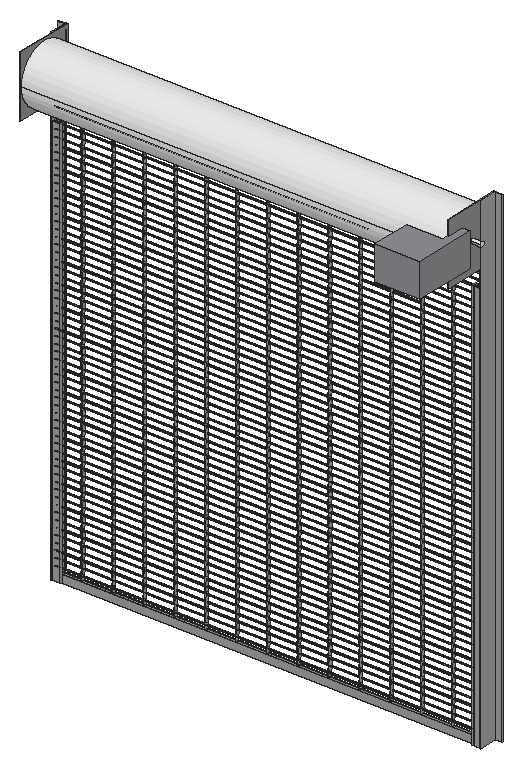
Revit family "Upward-Coiling-Security-Grilles_OHD_Model-670_compact", category Specialty Equipment, host Wall, Revit 2023 (continued)
Definition of nested family "Motor"
  Definition of nested family "2D_NotScalableMain_29e791da-3db9-4234-ab15-44456784202b"
    Lines and regions (in)
      Masking region 8, in view "Ref. Level", visible <- "E-Egress"
        outline origin (0, 0, 0) x (1, 0, 0) y (0, 1, 0)
          loop
            line (-6.9985, -0.96741) -> (-5.7485, -0.96741) -> (-5.7485, -0.30491) -> (-5.5274, -0.30491) -> (-5.5274, -1.76746) -> (-5.42825, -1.86661) -> (-4.5757, -1.86661) -> (-4.5757, -3.22517) -> (-4.134, -3.22517) -> (-4.134, -5.05565) -> (-4.3324, -5.05565) -> (-4.3324, -5.3122)
            arc (-4.3324, -5.3122) -> (-4.24466, -5.55085) -> (-4.02324, -5.67585) r 0.36846
            arc (-4.02324, -5.67585) -> (0, -6.0017) -> (4.02324, -5.67585) r 25
            arc (4.02324, -5.67585) -> (4.24466, -5.55085) -> (4.3324, -5.3122) r 0.36846
            line (4.3324, -5.3122) -> (4.3324, -5.05565) -> (4.116, -5.05565) -> (4.116, -3.22517) -> (4.57, -3.22517) -> (4.57, -1.27241) -> (4.799, -1.27241) -> (4.799, -0.84111) -> (5.199, -0.84111) -> (5.199, 0.79) -> (7.2495, 0.79) -> (7.2495, -1.81) -> (7.52, -1.81) -> (7.52, 0.79) -> (8.82, 0.79) -> (8.82, 1.59) -> (7.52, 1.59) -> (7.52, 4.19) -> (7.2495, 4.19) -> (7.2495, 1.59) -> (4.57, 1.59) -> (4.57, 3.22517) -> (2.988, 3.22517) -> (2.988, 4.96193) -> (-2.988, 4.96193) -> (-2.988, 3.22517) -> (-4.5757, 3.22517) -> (-4.5757, 1.86661) -> (-5.42825, 1.86661) -> (-5.5274, 1.76746) -> (-5.5274, 0.30491) -> (-5.7485, 0.30491) -> (-5.7485, 0.96741) -> (-6.9985, 0.96741) -> (-6.9985, -0.96741)
      reference lines, in view "Ref. Level"
        curve 1: line (0, 0, 0) -> (0, 0.125, 0)
        curve 2: line (0, 0, 0) -> (0.125, 0, 0)
      detail lines, in view "Ref. Level", visible <- "Not Top + Bench"
        curve 3: line (7.2495, 4.19, 0) -> (7.2495, -1.81, 0)
        curve 4: line (7.52, 4.19, 0) -> (7.52, -1.81, 0)
        curve 5: line (-4.134, -2.29347, 0) -> (-4.134, -5.05565, 0)
        curve 6: line (4.116, -2.29347, 0) -> (4.116, -5.05565, 0)
        curve 7: line (-4.134, -2.41307, 0) -> (4.116, -2.41307, 0)
        curve 8: line (4.116, -2.29347, 0) -> (3.108, -2.29347, 0)
        curve 9: line (2.988, -2.17347, 0) -> (2.988, 4.96193, 0)
        curve 10: line (2.988, 4.96193, 0) -> (-2.988, 4.96193, 0)
        curve 11: line (-2.988, 4.96193, 0) -> (-2.988, -2.17347, 0)
        curve 12: arc (-2.988, -2.17347, 0) -> (-3.02315, -2.25832, 0) -> (-3.108, -2.29347, 0) r 0.12
        curve 13: arc (3.108, -2.29347, 0) -> (3.02315, -2.25832, 0) -> (2.988, -2.17347, 0) r 0.12
        curve 14: line (4.57, -3.22517, 0) -> (4.57, 0.77483, 0)
        curve 15: line (4.799, -1.27241, 0) -> (4.799, 0.77483, 0)
        curve 16: line (5.199, -0.84111, 0) -> (5.199, 0.77483, 0)
        curve 17: line (-4.5757, -3.22517, 0) -> (-4.5757, 3.22517, 0)
        curve 18: line (-5.42825, -1.86661, 0) -> (-5.42825, 1.86661, 0)
        curve 19: line (-5.5274, 1.76746, 0) -> (-5.5274, -1.76746, 0)
        curve 20: line (-5.7485, -0.96741, 0) -> (-5.7485, 0.96741, 0)
        curve 21: line (-4.134, -2.29347, 0) -> (-3.108, -2.29347, 0)
        curve 22: line (5.199, 0.77483, 0) -> (2.988, 0.77483, 0)
        curve 23: line (4.57, 1.59, 0) -> (2.988, 1.59, 0)
      detail lines, in view "Ref. Level", visible <- "Top + Bench"
        curve 24: line (-4.5757, -3.22517, 0) -> (-4.5757, 3.22517, 0)
        curve 25: line (-5.42825, 1.86661, 0) -> (-5.42825, -1.86661, 0)
        curve 26: line (-5.5274, 1.76746, 0) -> (-5.5274, -1.76746, 0)
        curve 27: line (-5.7485, -0.96741, 0) -> (-5.7485, 0.96741, 0)
        curve 28: line (-4.3324, 1.8898, 0) -> (-4.3324, 19.24819, 0)
        curve 29: line (-4.3324, 1.8898, 0) -> (4.3324, 1.8898, 0)
        curve 30: line (4.3324, 1.8898, 0) -> (4.3324, 19.24819, 0)
        curve 31: line (4.57, 3.22517, 0) -> (4.57, -3.22517, 0)
        curve 32: line (4.799, 1.27241, 0) -> (4.799, -1.22759, 0)
        curve 37: line (2.988, 20.0298, 0) -> (2.988, 19.24819, 0)
        curve 38: line (-2.988, 20.0298, 0) -> (-2.988, 19.24819, 0)
        curve 39: line (-3.108, 19.24819, 0) -> (-0.988, 19.24819, 0)
        curve 40: line (0.988, 19.24819, 0) -> (3.108, 19.24819, 0)
      detail lines, in view "Ref. Level", visible <- "Chain Hoist"
        curve 33: line (7.2495, 3, 0) -> (7.2495, -3, 0)
        curve 34: line (7.52, -3, 0) -> (7.52, 3, 0)
      detail lines, in view "Ref. Level", visible <- "Bench Mount"
        curve 35: line (-7.1205, 17.4298, 0) -> (-7.1205, 9.1098, 0)
        curve 36: line (-6.9985, 17.4298, 0) -> (-6.9985, 9.1098, 0)
      detail lines, in view "Ref. Level", visible <- "E-Egress"
        curve 41: line (7.2495, 4.19, 0) -> (7.2495, -1.81, 0)
        curve 42: line (7.52, 4.19, 0) -> (7.52, -1.81, 0)
        curve 43: line (-4.134, -2.29347, 0) -> (-4.134, -5.05565, 0)
        curve 44: line (4.116, -2.29347, 0) -> (4.116, -5.05565, 0)
        curve 45: line (-4.134, -2.41307, 0) -> (4.116, -2.41307, 0)
        curve 46: line (4.116, -2.29347, 0) -> (3.108, -2.29347, 0)
        curve 47: line (2.988, -2.17347, 0) -> (2.988, 4.96193, 0)
        curve 48: line (2.988, 4.96193, 0) -> (-2.988, 4.96193, 0)
        curve 49: line (-2.988, 4.96193, 0) -> (-2.988, -2.17347, 0)
        curve 50: arc (-2.988, -2.17347, 0) -> (-3.02315, -2.25832, 0) -> (-3.108, -2.29347, 0) r 0.12
        curve 51: arc (3.108, -2.29347, 0) -> (3.02315, -2.25832, 0) -> (2.988, -2.17347, 0) r 0.12
        curve 52: line (4.57, -3.22517, 0) -> (4.57, 0.77483, 0)
        curve 53: line (4.799, -1.27241, 0) -> (4.799, 0.77483, 0)
        curve 54: line (5.199, -0.84111, 0) -> (5.199, 0.77483, 0)
        curve 55: line (-4.5757, -3.22517, 0) -> (-4.5757, 3.22517, 0)
        curve 56: line (-5.42825, -1.86661, 0) -> (-5.42825, 1.86661, 0)
        curve 57: line (-5.5274, 1.76746, 0) -> (-5.5274, -1.76746, 0)
        curve 58: line (-5.7485, -0.96741, 0) -> (-5.7485, 0.96741, 0)
        curve 59: line (-4.134, -2.29347, 0) -> (-3.108, -2.29347, 0)
        curve 60: line (5.199, 0.77483, 0) -> (2.988, 0.77483, 0)
        curve 61: line (4.57, 1.59, 0) -> (2.988, 1.59, 0)
    Dimensions and locks (in)
      curve 1 to curve 1 = 1/8"
      curve 2 to curve 2 = 1/8"
      aligned and locked: plane 1 "Center (Front/Back)" to curve 1
      aligned and locked: plane 3 "Center (Left/Right)" to curve 1
      aligned and locked: plane 1 "Center (Front/Back)" to curve 2
Definition of nested family "670"
  Parameters (values of type "670")
    Step H = if(Lexan, 12", 9")  # 9"
    Slat Width = 3/4"  # constant formula
    Slat Type = if(Slat Option < 2, "Lattice", if(Slat Option = 2, "Brick", "Lexan"))  # "Lattice"
    Slat Option = 1
    SetBack = if(Lexan, 3", 2")  # 2"
    Second Rod Position = if(Lattice, 1.38", if(Brick, 2.38", 3.38"))  # 1.38"
    Panel Material = none
    Overall Height = if(Lattice, 8.38", if(Brick, 8.38", 12.38"))  # 8.38"
    Opening Width = 124 5/8"
    Lexsn Material = none
    Lexan = if(Slat Option > 2, 1 = 1, 1 = 2)  # no
    Lattice = if(Slat Option < 2, 1 = 1, 1 = 2)  # yes
    First Rod Position = if(Lattice, 1", 0")  # 1"
    Default Elevation = 48"
    Brick End = if(Brick, 1 = 2, 1 = 1)  # yes
    Brick = if(Slat Option = 2, 1 = 1, 1 = 2)  # no
    Array Visibility = if(Array < 2, 1 = 2, 1 = 1)  # yes
    Array Real = if(Array < 2, 2, Array)  # 12
    Array Length = (Array) * Step H + 0.16"  # 108.16"
    Array = rounddown((Opening Width) / Step H) - 1  # 12
    1 Element Visibility = not(Array Visibility)  # no
  Reference planes (in)
    plane 1 "Center (Front/Back)": y = 0
    plane 2: z = 0
    plane 3 "Center (Left/Right)": x = 0
    plane 4: x = -62.3125
    plane 5: x = 62.3125
    plane 6: y = 0.75
    plane 7: y = 0
    plane 8: z = 0
    plane 9: z = 1
    plane 10: y = 0.375
    plane 11 "Left": x = -54.08
    plane 12: x = -64.3125
    plane 13: x = 64.3125
    plane 14: z = 8.38
    plane 15: x = 54.08
    plane 16: x = 45.08
    plane 17: z = 7
    plane 18: x = 36.08
  Forms (in)
    Extrusion 1, solid, material <- "Panel Material"
      sketch origin (0, -4.98186, 2) x (0, 1, 0) y (0, 0, 1)
        loop
          circle (5.35686, -1) r 0.15625
        loop
          circle (5.35686, 1) r 0.16
      from -62.3125 to 62.3125
    Extrusion 2, solid, material <- "Panel Material"
      sketch origin (0, -4.98186, 2) x (0, 1, 0) y (0, 0, 1)
        loop
          circle (5.35686, 5) r 0.15625
        loop
          circle (5.35686, 3) r 0.16
      from -62.3125 to 62.3125
    Extrusion 3, solid, material <- "Lexsn Material", visible <- "Lexan"
      sketch origin (0, 0, 0) x (1, 0, 0) y (0, 0, 1)
        loop
          line (-62.3125, 0.5) -> (62.3125, 0.5) -> (62.3125, 2.5) -> (-62.3125, 2.5) -> (-62.3125, 0.5)
        loop
          line (-62.3125, 3.5) -> (62.3125, 3.5) -> (62.3125, 5.5) -> (-62.3125, 5.5) -> (-62.3125, 3.5)
        loop
          line (-62.3125, 6.5) -> (62.3125, 6.5) -> (62.3125, 8.5) -> (-62.3125, 8.5) -> (-62.3125, 6.5)
        loop
          line (-62.3125, 9.5) -> (62.3125, 9.5) -> (62.3125, 11.5) -> (-62.3125, 11.5) -> (-62.3125, 9.5)
      from -0.53125 to -0.21875
  Dimensions and locks (in)
    equal spacing: plane 4, plane 3 "Center (Left/Right)", plane 5
    "Opening Width": plane 4 to plane 5
    "Slat Width": plane 1 "Center (Front/Back)" to plane 6
    "First Rod Position": plane 9 to level
    equal spacing: plane 1 "Center (Front/Back)", plane 10, plane 6
    locked: plane 12 to plane 4 at 2
    locked: plane 13 to plane 5 at 2
    "Overall Height": plane 14 to level
    equal spacing: plane 11 "Left", plane 3 "Center (Left/Right)", plane 15
    "Array Length": plane 11 "Left" to plane 15
    "Step H": plane 16 to plane 15
    "Second Rod Position": plane 14 to plane 17
    locked: Extrusion 3 sketch curve to Extrusion 3 sketch curve at 2  (x4)
    locked: Extrusion 3 sketch curve to level at 0.5
    locked: Extrusion 3 sketch curve to Extrusion 3 sketch curve at 1  (x3)
    "Step H": plane 18 to plane 16
    equal spacing: group 12, group 11, group 10, group 9, group 8, group 7, group 6, group 5, group 4, group 3, group 2, group 1
    equal spacing: group 1, group 2, group 3, group 4, group 5, group 6, group 7, group 8, group 9, group 10, group 11, group 12  (x2)
    "SetBack": plane 17 to Extrusion 2 sketch curve
    "SetBack": Extrusion 1 sketch curve to Extrusion 1 sketch curve
    radius of Extrusion 1 sketch curve = 5/32"
    radius of Extrusion 2 sketch curve = 5/32"
    radius of Extrusion 2 sketch curve = 0.16"
    radius of Extrusion 1 sketch curve = 0.16"
    aligned and locked: plane 2 to level
    aligned and locked: plane 1 "Center (Front/Back)" to plane 7
    aligned and locked: level to plane 8
    aligned and locked: plane 4 to Extrusion 1
    aligned and locked: plane 5 to Extrusion 1
    aligned and locked: plane 10 to Extrusion 1 sketch curve
    aligned and locked: plane 17 to Extrusion 2 sketch curve
    aligned and locked: plane 10 to Extrusion 2 sketch curve
    aligned and locked: plane 5 to Extrusion 2
    aligned and locked: plane 4 to Extrusion 2
    aligned and locked: Extrusion 3 sketch curve to plane 4  (x2)
    aligned and locked: plane 5 to Extrusion 3 sketch curve  (x2)
    aligned and locked: nested 1 to plane 15
    aligned and locked: plane 8 to nested 1
    aligned and locked: plane 8 to nested 2
    aligned and locked: plane 8 to nested 3
    aligned and locked: nested 2 to plane 16
    aligned and locked: nested 3 to plane 18
    aligned and locked: plane 4 to Extrusion 3 sketch curve  (x2)
    aligned and locked: Extrusion 3 sketch curve to plane 5  (x2)
    aligned and locked: plane 9 to Extrusion 1 sketch curve
    aligned and locked: plane 8 to nested 11
    aligned and locked: nested 11 to plane 16
  Automatic sketch dimensions
    Extrusion 1 sketch curve to plane 10 = 0"
    Extrusion 2 sketch curve to plane 10 = 0"
  Nested families (in)
    nested 1: "Family1" at (54.08, 0, 0), Individual Brick <- "Brick End", type "Family1"
      with Individual Brick yes, SetBack 2", Lexan no, Lattice yes, Height 8.38"
    nested 2: "Family1" at (45.08, 0, 0), visible <- "Array Visibility", type "Family1"
      with Individual Brick yes, SetBack 2", Lexan no, Lattice yes, Height 8.38"
    nested 3: "Family1" at (36.08, 0, 0), visible <- "Array Visibility", type "Family1"
      with Individual Brick yes, SetBack 2", Lexan no, Lattice yes, Height 8.38"
    nested 4: "Family1" at (27.08, 0, 0), visible <- "Array Visibility", type "Family1"
      with Individual Brick yes, SetBack 2", Lexan no, Lattice yes, Height 8.38"
    nested 5: "Family1" at (18.08, 0, 0), visible <- "Array Visibility", type "Family1"
      with Individual Brick yes, SetBack 2", Lexan no, Lattice yes, Height 8.38"
    nested 6: "Family1" at (9.08, 0, 0), visible <- "Array Visibility", type "Family1"
      with Individual Brick yes, SetBack 2", Lexan no, Lattice yes, Height 8.38"
    nested 7: "Family1" at (0.08, 0, 0), visible <- "Array Visibility", type "Family1"
      with Individual Brick yes, SetBack 2", Lexan no, Lattice yes, Height 8.38"
    nested 8: "Family1" at (-8.92, 0, 0), visible <- "Array Visibility", type "Family1"
      with Individual Brick yes, SetBack 2", Lexan no, Lattice yes, Height 8.38"
    nested 9: "Family1" at (-17.92, 0, 0), visible <- "Array Visibility", type "Family1"
      with Individual Brick yes, SetBack 2", Lexan no, Lattice yes, Height 8.38"
    nested 10: "Family1" at (-26.92, 0, 0), visible <- "Array Visibility", type "Family1"
      with Individual Brick yes, SetBack 2", Lexan no, Lattice yes, Height 8.38"
    nested 11: "Family1" at (45.08, 0, 0), visible <- "1 Element Visibility", type "Family1"
      with Individual Brick yes, SetBack 2", Lexan no, Lattice yes, Height 8.38"
    nested 12: "Family1" at (-35.92, 0, 0), visible <- "Array Visibility", type "Family1"
      with Individual Brick yes, SetBack 2", Lexan no, Lattice yes, Height 8.38"
    nested 13: "Family1" at (-44.92, 0, 0), visible <- "Array Visibility", type "Family1"
      with Individual Brick yes, SetBack 2", Lexan no, Lattice yes, Height 8.38"
    nested 14: "Family1" at (-53.92, 0, 0), visible <- "Array Visibility", type "Family1"
      with Individual Brick yes, SetBack 2", Lexan no, Lattice yes, Height 8.38"
  Definition of nested family "Family1"
    Parameters (values of type "Family1")
      Wide = 3/4"  # constant formula
      Slat Material = none
      SetBack = if(Lexan, 3", 2")  # 3"
      Lexan = yes
      Lattice = no
      Individual Brick [instance] = yes
      Height = if(Lattice, 8.38", if(Brick, 8.38", 12.38"))  # 12.38"
      Default Elevation = 48"
      Brick Offset = if(Brick, 4.34", 0")  # 0"
      Brick = no
    Reference planes (in)
      plane 1 "Center (Front/Back)": y = 0
      plane 2: z = 0
      plane 3 "Center (Left/Right)": x = 0
      plane 4: z = 12.38
      plane 5 "Brick": x = 0
      plane 6: z = 3
      plane 7: z = 0
      plane 8: z = 12.005
      plane 9: z = 9.005
      plane 10: z = 6.005
      plane 11: z = 3.005
      plane 12: z = 6
      plane 13: z = 9
    Forms (in)
      Extrusion 1, solid, material <- "Slat Material"
        sketch origin (0, 0, 0) x (0, 1, 0) y (0, 0, 1)
          loop
            line (0, 3) -> (0, 0)
            arc (0, 0) -> (0.375, -0.375) -> (0.75, 0) r 0.375
            line (0.75, 0) -> (0.75, 3)
            arc (0.75, 3) -> (0.375, 3.375) -> (0, 3) r 0.375
          loop
            line (0, 9) -> (0, 6)
            arc (0, 6) -> (0.375, 5.625) -> (0.75, 6) r 0.375
            line (0.75, 6) -> (0.75, 9)
            arc (0.75, 9) -> (0.375, 9.375) -> (0, 9) r 0.375
        from 0 to -0.16
      Extrusion 2, solid, material <- "Slat Material", visible <- "Individual Brick"
        sketch origin (0, -180, -12.72415) x (0, 0, -1) y (0, -1, 0)
          loop
            arc (-24.72915, -180) -> (-25.10415, -180.375) -> (-24.72915, -180.75) r 0.375
            line (-24.72915, -180.75) -> (-21.72915, -180.75)
            arc (-21.72915, -180.75) -> (-21.35415, -180.375) -> (-21.72915, -180) r 0.375
            line (-21.72915, -180) -> (-24.72915, -180)
          loop
            arc (-18.72915, -180) -> (-19.10415, -180.375) -> (-18.72915, -180.75) r 0.375
            line (-18.72915, -180.75) -> (-15.72915, -180.75)
            arc (-15.72915, -180.75) -> (-15.35415, -180.375) -> (-15.72915, -180) r 0.375
            line (-15.72915, -180) -> (-18.72915, -180)
        from 0 to -0.16
    Dimensions and locks (in)
      "Height": plane 4 to level
      "Brick Offset": plane 5 "Brick" to plane 3 "Center (Left/Right)"
      "Wide": Extrusion 1 sketch curve to Extrusion 1 sketch curve
      "SetBack": plane 6 to plane 7
      "Wide": Extrusion 2 sketch curve to Extrusion 2 sketch curve  (x2)
      "SetBack": plane 8 to plane 9
      locked: plane 4 to plane 8 at 0.375
      "SetBack": plane 9 to plane 10
      "SetBack": plane 10 to plane 11
      "SetBack": plane 12 to plane 6
      "SetBack": plane 13 to plane 12
      radius of Extrusion 1 sketch curve = 3/8"  (x4)
      radius of Extrusion 2 sketch curve = 3/8"  (x4)
      aligned and locked: plane 2 to level
      aligned and locked: level to plane 7
      aligned and locked: plane 6 to Extrusion 1 sketch curve  (x2)
      aligned and locked: plane 7 to Extrusion 1 sketch curve
      aligned and locked: plane 8 to Extrusion 2 sketch curve  (x2)
      aligned and locked: plane 9 to Extrusion 2 sketch curve
      aligned and locked: plane 10 to Extrusion 2 sketch curve  (x2)
      aligned and locked: plane 11 to Extrusion 2 sketch curve
      aligned and locked: plane 13 to Extrusion 1 sketch curve
      aligned and locked: plane 12 to Extrusion 1 sketch curve  (x2)
    Automatic sketch dimensions
      Extrusion 1 sketch curve to plane 1 "Center (Front/Back)" = 0"  (x2)
      Extrusion 2 sketch curve to plane 1 "Center (Front/Back)" = 0"  (x2)
Definition of nested family "Label Annotation 1"
  Parameters (values of type "Label Annotation 1-8")
    Label = "Area is too big. Please reduce Door Size."
  Reference planes (in)
    plane 1: y = 0
    plane 2: x = 0
  Text (in)
    label "Label" at (0.00375, -0.00345, 0), shows "Label"
Definition of nested family "Warning Sign"
  Parameters (values of type "Warning Sign")
    Warning Sign [instance] = no
    Default Elevation = 48"
  Reference planes (in)
    plane 1 "Center (Front/Back)": y = 0
    plane 2: z = 0
    plane 3 "Center (Left/Right)": x = 0
    plane 4: y = 0.5
    plane 5: y = -0.5
    plane 6: y = 1
    plane 7: y = 0.25
  Lines and regions (in)
    model lines
      curve 1: line (-2.26129, 1, 45.69444) -> (-26.3817, 1, 3.91667)
      curve 2: line (-25.25106, 1, 3.26389) -> (-1.13064, 1, 45.04167)
      curve 3: arc (2.26129, 1, 45.69444) -> (0, 1, 47) -> (-2.26129, 1, 45.69444) r 2.61111
      curve 4: arc (-1.13064, 1, 45.04167) -> (0, 1, 45.69444) -> (1.13064, 1, 45.04167) r 1.30556
      curve 5: line (1.13064, 1, 45.04167) -> (25.25106, 1, 3.26389)
      curve 6: line (26.3817, 1, 3.91667) -> (2.26129, 1, 45.69444)
      curve 7: arc (25.25106, 1, 3.26389) -> (25.25106, 1, 1.95833) -> (24.12041, 1, 1.30556) r 1.30556
      curve 8: arc (24.12041, 1, 0) -> (26.3817, 1, 1.30556) -> (26.3817, 1, 3.91667) r 2.61111
      curve 9: line (24.12041, 1, 1.30556) -> (-24.12041, 1, 1.30556)
      curve 10: line (-24.12041, 1, 0) -> (24.12041, 1, 0)
      curve 11: arc (-24.12041, 1, 1.30556) -> (-25.25106, 1, 1.95833) -> (-25.25106, 1, 3.26389) r 1.30556
      curve 12: arc (-26.3817, 1, 3.91667) -> (-26.3817, 1, 1.30556) -> (-24.12041, 1, 0) r 2.61111
      curve 13: arc (-2.29479, 1, 8.63537) -> (0, 1, 6.34057) -> (2.29479, 1, 8.63537) r 2.29479
      curve 14: arc (2.29479, 1, 8.63537) -> (0, 1, 10.93016) -> (-2.29479, 1, 8.63537) r 2.29479
      curve 15: arc (-1.6331, 1, 13.97069) -> (0.03439, 1, 12.53727) -> (1.69278, 1, 13.98121) r 1.68043
      curve 16: line (-3.77413, 1, 28.37873) -> (-1.6331, 1, 13.97069)
      curve 17: line (1.69278, 1, 13.98121) -> (3.73924, 1, 28.37873)
      curve 18: arc (3.73924, 1, 28.37873) -> (-0.01745, 1, 32.13541) -> (-3.77413, 1, 28.37873) r 3.75668
      curve 19: line (-2.26129, -0.5, 45.69444) -> (-26.3817, -0.5, 3.91667)
      curve 20: line (-25.25106, -0.5, 3.26389) -> (-1.13064, -0.5, 45.04167)
      curve 21: arc (2.26129, -0.5, 45.69444) -> (0, -0.5, 47) -> (-2.26129, -0.5, 45.69444) r 2.61111
      curve 22: arc (-1.13064, -0.5, 45.04167) -> (0, -0.5, 45.69444) -> (1.13064, -0.5, 45.04167) r 1.30556
      curve 23: line (1.13064, -0.5, 45.04167) -> (25.25106, -0.5, 3.26389)
      curve 24: line (26.3817, -0.5, 3.91667) -> (2.26129, -0.5, 45.69444)
      curve 25: arc (25.25106, -0.5, 3.26389) -> (25.25106, -0.5, 1.95833) -> (24.12041, -0.5, 1.30556) r 1.30556
      curve 26: arc (24.12041, -0.5, 0) -> (26.3817, -0.5, 1.30556) -> (26.3817, -0.5, 3.91667) r 2.61111
      curve 27: line (24.12041, -0.5, 1.30556) -> (-24.12041, -0.5, 1.30556)
      curve 28: line (-24.12041, -0.5, 0) -> (24.12041, -0.5, 0)
      curve 29: arc (-24.12041, -0.5, 1.30556) -> (-25.25106, -0.5, 1.95833) -> (-25.25106, -0.5, 3.26389) r 1.30556
      curve 30: arc (-26.3817, -0.5, 3.91667) -> (-26.3817, -0.5, 1.30556) -> (-24.12041, -0.5, 0) r 2.61111
      curve 31: arc (-2.29479, -0.5, 8.63537) -> (0, -0.5, 6.34057) -> (2.29479, -0.5, 8.63537) r 2.29479
      curve 32: arc (2.29479, -0.5, 8.63537) -> (0, -0.5, 10.93016) -> (-2.29479, -0.5, 8.63537) r 2.29479
      curve 33: arc (-1.6331, -0.5, 13.97069) -> (0.03439, -0.5, 12.53727) -> (1.69278, -0.5, 13.98121) r 1.68043
      curve 34: line (-3.77413, -0.5, 28.37873) -> (-1.6331, -0.5, 13.97069)
      curve 35: line (1.69278, -0.5, 13.98121) -> (3.73924, -0.5, 28.37873)
      curve 36: arc (3.73924, -0.5, 28.37873) -> (-0.01745, -0.5, 32.13541) -> (-3.77413, -0.5, 28.37873) r 3.75668
  Dimensions and locks (in)
    locked: plane 1 "Center (Front/Back)" to plane 4 at 0.5
    equal spacing: plane 1 "Center (Front/Back)", plane 7, plane 4
    locked: plane 4 to plane 6 at 0.5
    locked: plane 5 to plane 1 "Center (Front/Back)" at 0.5
    aligned and locked: plane 2 to level
  Automatic sketch dimensions
    curve 21 to curve 22 = 0"  (x2)
    curve 25 to curve 26 = 0"  (x2)
    curve 29 to curve 30 = 0"  (x2)
    curve 31 to curve 32 = 0"  (x2)
    curve 21 to plane 3 "Center (Left/Right)" = 0"
    curve 31 to plane 3 "Center (Left/Right)" = 0"
    curve 30 to level = 0"
    level to curve 27 = 1.30556"
    curve 26 to curve 27 = 1.30556"
    curve 29 to curve 27 = 1.30556"
    curve 23 to curve 25 = 0.65278"
    curve 20 to curve 29 = 0.65278"
    curve 24 to curve 23 = 0.65278"
    curve 19 to curve 20 = 0.65278"
    level to curve 32 = 8.63537"
    curve 34 to plane 3 "Center (Left/Right)" = 1.6331"
    curve 34 to curve 31 = 5.33532"
    plane 3 "Center (Left/Right)" to curve 35 = 1.69278"
    curve 35 to curve 34 = 0.01052"
    plane 3 "Center (Left/Right)" to curve 33 = 0.02908"
    curve 36 to plane 3 "Center (Left/Right)" = 0.01745"
    curve 36 to curve 33 = 14.16104"
    curve 22 to curve 36 = 16.01016"
    plane 3 "Center (Left/Right)" to curve 23 = 1.13064"
    curve 23 to curve 21 = 0.65278"
    curve 20 to plane 3 "Center (Left/Right)" = 1.13064"
    plane 3 "Center (Left/Right)" to curve 24 = 2.26129"
    curve 24 to curve 22 = 0.65278"
    curve 19 to plane 3 "Center (Left/Right)" = 2.26129"
    curve 34 to curve 36 = 3.75668"
    curve 30 to plane 3 "Center (Left/Right)" = 24.12041"
    plane 3 "Center (Left/Right)" to curve 25 = 24.12041"
    curve 31 to curve 31 = 2.29479"
    curve 3 to curve 4 = 0"  (x2)
    curve 7 to curve 8 = 0"  (x2)
    curve 11 to curve 12 = 0"  (x2)
    curve 13 to curve 14 = 0"  (x2)
    curve 3 to plane 3 "Center (Left/Right)" = 0"
    curve 13 to plane 3 "Center (Left/Right)" = 0"
    curve 12 to level = 0"
    level to curve 9 = 1.30556"
    curve 8 to curve 9 = 1.30556"
    curve 11 to curve 9 = 1.30556"
    curve 5 to curve 7 = 0.65278"
    curve 2 to curve 11 = 0.65278"
    curve 6 to curve 5 = 0.65278"
    curve 1 to curve 2 = 0.65278"
    level to curve 14 = 8.63537"
    curve 16 to plane 3 "Center (Left/Right)" = 1.6331"
    curve 16 to curve 13 = 5.33532"
    plane 3 "Center (Left/Right)" to curve 17 = 1.69278"
    curve 17 to curve 16 = 0.01052"
    plane 3 "Center (Left/Right)" to curve 15 = 0.02908"
    curve 18 to plane 3 "Center (Left/Right)" = 0.01745"
    curve 18 to curve 15 = 14.16104"
    curve 4 to curve 18 = 16.01016"
    plane 3 "Center (Left/Right)" to curve 5 = 1.13064"
    curve 5 to curve 3 = 0.65278"
    curve 2 to plane 3 "Center (Left/Right)" = 1.13064"
    plane 3 "Center (Left/Right)" to curve 6 = 2.26129"
    curve 6 to curve 4 = 0.65278"
    curve 1 to plane 3 "Center (Left/Right)" = 2.26129"
    curve 16 to curve 18 = 3.75668"
    curve 12 to plane 3 "Center (Left/Right)" = 24.12041"
    plane 3 "Center (Left/Right)" to curve 7 = 24.12041"
    curve 13 to curve 13 = 2.29479"
Types (9): name | Voltage | Operator Visibility | Number of Poles | Hood Offset | Headroom Height Real | Headroom Height | Frequency | Door Height True | Door Height (Real) | Floor To (CL) of Shaft | Chain Hoist or Manual | Current | Connector Array | Calculated Area | Apparent Load Phase 3 | Apparent Load Phase 2 | Apparent Load Phase 1
  115 volts, one phase, 60 Hz (110-120V range) | 115 V | yes | 1 | 5" | 23" | 23" | 60 Hz | 143" | 125" | 134" | no | 20 A | 3 | 104.601 SF | 0 VA | 0 VA | 2300 VA
  Chain Hoist | 0 V | yes | 1 | 3" | 21" | 21" | 0 Hz | 141" | 123" | 132" | yes | 0 A | 2 | 102.927 SF | 0 VA | 0 VA | 0 VA
  Manual push-up | 0 V | no | 1 | 3" | 21" | 21" | 0 Hz | 141" | 123" | 132" | yes | 0 A | 2 | 102.927 SF | 0 VA | 0 VA | 0 VA
  230 volts, three phase, 60 Hz (208-245V range) | 230 V | yes | 3 | 5" | 23" | 23" | 60 Hz | 143" | 125" | 134" | no | 20 A | 3 | 104.601 SF | 2655.81 VA | 2655.81 VA | 2655.81 VA
  230 volts, single phase, 60 Hz (208-245V range) | 230 V | yes | 1 | 5" | 23" | 23" | 60 Hz | 143" | 125" | 134" | no | 20 A | 3 | 104.601 SF | 0 VA | 0 VA | 4600 VA
  460 volts, three phase, 60 Hz (456-495V range) | 460 V | yes | 3 | 5" | 23" | 23" | 60 Hz | 143" | 125" | 134" | no | 20 A | 3 | 104.601 SF | 5311.62 VA | 5311.62 VA | 5311.62 VA
  208 volts, one phase, 60 Hz (190-207V range) | 208 V | yes | 1 | 5" | 23" | 23" | 60 Hz | 143" | 125" | 134" | no | 20 A | 3 | 104.601 SF | 0 VA | 0 VA | 4160 VA
  208 volts, three phase, 60 Hz (190-207V range) | 208 V | yes | 3 | 5" | 23" | 23" | 60 Hz | 143" | 125" | 134" | no | 20 A | 3 | 104.601 SF | 2401.78 VA | 2401.78 VA | 2401.78 VA
  575 volts, three phase, 60 Hz | 575 V | yes | 3 | 5" | 23" | 23" | 60 Hz | 143" | 125" | 134" | no | 20 A | 3 | 104.601 SF | 6639.53 VA | 6639.53 VA | 6639.53 VA
